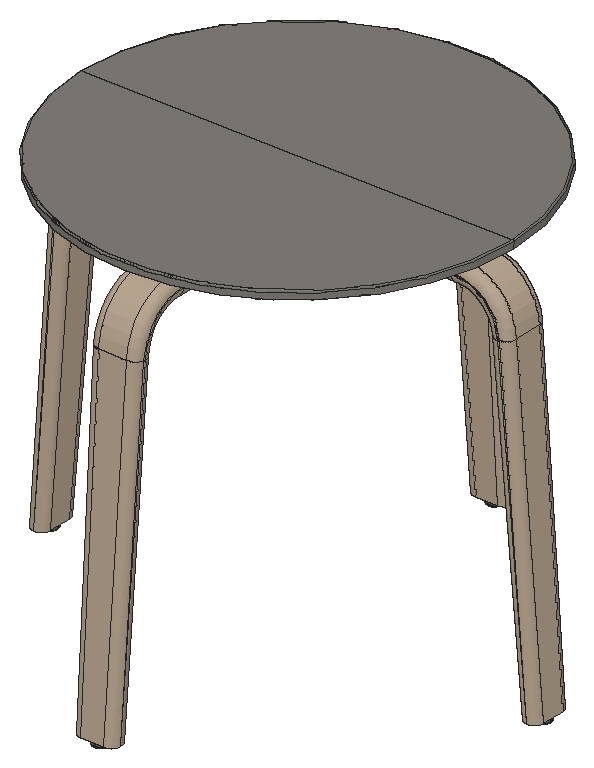
Revit family "Table-Teknion-ZNTFF_Round_Side_Table-R2020", category Furniture, Revit 2020
Family settings
  OmniClass Number = 23.40.20.00
  OmniClass Title = General Furniture and Specialties
  Work Plane-Based = No
  Always vertical = Yes
  Cut with Voids When Loaded = No
  Shared = Yes
  Room Calculation Point = No
Parameters (values of type "Round Side Table")
  Worksurface Finish [instance] = Foundation Laminate-Teknion-DR-Striate-Charcoal
  Warranty = "http://www.teknion.com/ca/papers/legal-canada"
  Unit Weight URL = "http://www.teknion.com/ca/tools/assets#&asset=bee6a381-b954-425e-8283-5a2de3a804f2,f828d448-4b62-4231-9e5f-9a8991c0ed77"
  URL = "www.teknion.com"
  To render please download texture images found here [instance] = "https://assets.teknion.com/web/5e81352c1dfdb467/revit-material-swatches/"
  Sustainability Data = "https://www.teknion.com/ca/tools/assets#&topic=216f99a5-57a0-44fc-b10a-9dee9b29ae4c&asset=444deb64-fe58-4b68-981e-f75e97781df7,b4ff2d81-9f2e-437d-9659-7cffb09c31cf"
  Series = "Zones"
  Product Page URL = "https://www.teknion.com/ca/products/product-details?productLineId=b28c7a6e-8e7a-673b-a6c8-ff64004460c4"
  Product Line = "Zones"
  Product Documentation Link = "https://www.teknion.com/pricing/zones/pdfs/ZNTFF_ppg.pdf"
  Part Number = "ZNTFF"
  Model = "ZNTFF18"
  Manufacturer Phone = "416-661-3370"  # constant formula
  Manufacturer Fax = "416.661.4586"  # constant formula
  Manufacturer Contact Information = "http://www.teknion.com/ca/contactus"
  Manufacturer Address = "1150 Flint Road, Toronto, ON. M3J 2J5. Canada"  # constant formula
  Manufacturer = "Teknion"  # constant formula
  Leg Wood Finish [instance] = Veneer - Teknion - BS - Natural Beech
  How To Use Teknion Materials User Guide [instance] = "https://assets.teknion.com/m/205dd0a49fa58060/original/How-to-add-a-Material-Library-and-Texture-Images-to-your-Revit-project.pdf"
  For Additional Finishes please visit [instance] = "https://assets.teknion.com/m/44a8009b046e5d47/original/Teknion_Materials_Library.zip"
  Description = "Casual, Round Side Table"
  Default Elevation = 0.000"
  Assembly Code = "E2020200"
Reference planes (in)
  plane 1 "Center Front/Back": y = 0
  plane 2: z = 0
  plane 3 "Center Left/Right": x = 0
  plane 4 "Left": x = -10.63102
  plane 5 "Right": x = 10.63102
  plane 6 "Back": y = 10.63102
  plane 7 "Front": y = -10.63102
  plane 8 "Top": z = 17.4111
Forms (in)
  Revolve 1, solid, material "Foundation Laminate-Teknion-DR-Striate-Charcoal" <- "Worksurface Finish"
    sketch origin (0, 0, 0) x (1, 0, 0) y (0, 0, 1)
      loop
        line (0, 17.4111) -> (0, 16.4111) -> (7.81413, 16.4111) -> (9.00461, 17.09843) -> (9.00461, 17.35104)
        arc (9.00461, 17.35104) -> (8.98794, 17.39342) -> (8.94596, 17.4111) r 0.05867
        line (8.94596, 17.4111) -> (0, 17.4111)
      axis (0, 16.4111) -> (0, 17.4111)
    angle from 0 to 360
  Sweep 2, solid, material "Veneer - Teknion - BS - Natural Beech" <- "Leg Wood Finish"
    path in 3D
      loop
        spline (-0.59055, 8.72321, 14.12879) -> (-0.59055, 8.69737, 14.32624) -> (-0.59055, 8.65186, 14.5155) -> (-0.59055, 8.58618, 14.69494) -> (-0.59055, 8.49984, 14.86284) -> (-0.59055, 8.39062, 15.01965) -> (-0.59055, 8.25806, 15.1618) -> (-0.59055, 8.10627, 15.28314) -> (-0.59055, 7.94167, 15.38001) -> (-0.59055, 7.76771, 15.45309) -> (-0.59055, 7.58376, 15.50456) -> (-0.59055, 7.39147, 15.53498) -> (-0.59055, 7.19242, 15.54496)
        line (-0.59055, 7.19242, 15.54496) -> (-0.59055, 0.59055, 15.54496) -> (-0.59055, -0.59055, 15.54496) -> (-0.59055, -7.19242, 15.54496)
        spline (-0.59055, -7.19242, 15.54496) -> (-0.59055, -7.39146, 15.53498) -> (-0.59055, -7.58375, 15.50457) -> (-0.59055, -7.76769, 15.4531) -> (-0.59055, -7.94164, 15.38002) -> (-0.59055, -8.10624, 15.28316) -> (-0.59055, -8.25803, 15.16183) -> (-0.59055, -8.39059, 15.01968) -> (-0.59055, -8.49981, 14.86289) -> (-0.59055, -8.58615, 14.695) -> (-0.59055, -8.65184, 14.51558) -> (-0.59055, -8.69736, 14.32632) -> (-0.59055, -8.7232, 14.12889)
    profile origin (-0.59055, 3.89148, 15.54496) x (-1, 0, 0) y (0, 0, -1)
      loop
        arc (-1.5748, -0.47244) -> (-1.45949, -0.75083) -> (-1.1811, -0.86614) r 0.3937
        line (-1.1811, -0.86614) -> (0, -0.86614)
        arc (0, -0.86614) -> (0.27839, -0.75083) -> (0.3937, -0.47244) r 0.3937
        line (0.3937, -0.47244) -> (0.3937, -0.3937)
        arc (0.3937, -0.3937) -> (0.27839, -0.11531) -> (0, 0) r 0.3937
        line (0, 0) -> (-1.20526, 0)
        arc (-1.20526, 0) -> (-1.46839, -0.1233) -> (-1.5748, -0.3937) r 0.39284
        line (-1.5748, -0.3937) -> (-1.5748, -0.47244)
  Sweep 3, solid, material "Veneer - Teknion - BS - Natural Beech" <- "Leg Wood Finish"
    path in 3D
      loop
        spline (8.72321, 0.59055, 14.12879) -> (8.69737, 0.59055, 14.32624) -> (8.65186, 0.59055, 14.5155) -> (8.58617, 0.59055, 14.69494) -> (8.49984, 0.59055, 14.86284) -> (8.39062, 0.59055, 15.01965) -> (8.25806, 0.59055, 15.1618) -> (8.10627, 0.59055, 15.28314) -> (7.94166, 0.59055, 15.38001) -> (7.76771, 0.59055, 15.45309) -> (7.58376, 0.59055, 15.50456) -> (7.39147, 0.59055, 15.53498) -> (7.19241, 0.59055, 15.54496)
        line (7.19241, 0.59055, 15.54496) -> (0.59055, 0.59055, 15.54496) -> (-0.59055, 0.59055, 15.54496) -> (-7.19242, 0.59055, 15.54496)
        spline (-7.19242, 0.59055, 15.54496) -> (-7.39146, 0.59055, 15.53498) -> (-7.58375, 0.59056, 15.50457) -> (-7.76769, 0.59056, 15.4531) -> (-7.94164, 0.59056, 15.38002) -> (-8.10625, 0.59056, 15.28316) -> (-8.25803, 0.59056, 15.16183) -> (-8.39059, 0.59056, 15.01968) -> (-8.49981, 0.59056, 14.86289) -> (-8.58615, 0.59056, 14.695) -> (-8.65185, 0.59056, 14.51558) -> (-8.69736, 0.59056, 14.32632) -> (-8.7232, 0.59056, 14.12889)
    profile origin (3.89148, 0.59055, 15.54496) x (0, 1, 0) y (0, 0, -1)
      loop
        arc (-1.5748, -0.47244) -> (-1.45949, -0.75083) -> (-1.1811, -0.86614) r 0.3937
        line (-1.1811, -0.86614) -> (0, -0.86614)
        arc (0, -0.86614) -> (0.27839, -0.75083) -> (0.3937, -0.47244) r 0.3937
        line (0.3937, -0.47244) -> (0.3937, -0.3937)
        arc (0.3937, -0.3937) -> (0.27839, -0.11531) -> (0, 0) r 0.3937
        line (0, 0) -> (-1.20527, 0)
        arc (-1.20527, 0) -> (-1.4684, -0.1233) -> (-1.5748, -0.3937) r 0.39284
        line (-1.5748, -0.3937) -> (-1.5748, -0.47244)
  SweptBlend 4, solid, material "Veneer - Teknion - BS - Natural Beech" <- "Leg Wood Finish"
    path in 3D
      loop
        line (8.72321, 0.59055, 14.12879) -> (9.8523, 0.47153, 0.09266)
    profile origin (8.72321, 0.59055, 14.12879) x (-0.000678, -0.999964, 0.008425) y (-0.99678, 0, -0.080183)
      loop
        line (0, -0.86614) -> (1.18106, -0.86614)
        spline (1.18106, -0.86614) -> (1.23244, -0.86277) -> (1.28295, -0.85272) -> (1.33171, -0.83617) -> (1.3779, -0.81339) -> (1.42072, -0.78478) -> (1.45944, -0.75083) -> (1.49339, -0.71211) -> (1.522, -0.66929) -> (1.54478, -0.6231) -> (1.56133, -0.57434) -> (1.57138, -0.52383) -> (1.57474, -0.47244)
        line (1.57474, -0.47244) -> (1.57474, -0.39364)
        spline (1.57474, -0.39364) -> (1.5718, -0.34415) -> (1.56266, -0.29543) -> (1.54745, -0.24825) -> (1.52641, -0.20336) -> (1.4999, -0.16148) -> (1.46832, -0.12327) -> (1.43218, -0.08934) -> (1.39205, -0.06024) -> (1.34858, -0.03641) -> (1.30246, -0.01826) -> (1.25441, -0.00605) -> (1.20522, 0)
        line (1.20522, 0) -> (0, 0)
        spline (0, 0) -> (-0.05139, -0.00337) -> (-0.1019, -0.01341) -> (-0.15066, -0.02997) -> (-0.19685, -0.05274) -> (-0.23966, -0.08135) -> (-0.27838, -0.11531) -> (-0.31234, -0.15403) -> (-0.34095, -0.19685) -> (-0.36372, -0.24304) -> (-0.38027, -0.2918) -> (-0.39032, -0.34231) -> (-0.39369, -0.3937)
        line (-0.39369, -0.3937) -> (-0.39369, -0.47244)
        spline (-0.39369, -0.47244) -> (-0.39032, -0.52383) -> (-0.38027, -0.57434) -> (-0.36372, -0.6231) -> (-0.34094, -0.66929) -> (-0.31233, -0.71211) -> (-0.27838, -0.75083) -> (-0.23966, -0.78478) -> (-0.19685, -0.81339) -> (-0.15066, -0.83617) -> (-0.1019, -0.85272) -> (-0.05139, -0.86277) -> (0, -0.86614)
    end profile origin (9.8523, 0.47153, 0.09266) x (-0.000678, -0.999964, 0.008425) y (-0.99678, 0, -0.080183)
      loop
        line (-0.00002, -0.78723) -> (0.9443, -0.78723)
        spline (0.9443, -0.78723) -> (0.99577, -0.78379) -> (1.04635, -0.77369) -> (1.09518, -0.7571) -> (1.14143, -0.7343) -> (1.1843, -0.70568) -> (1.22307, -0.67174) -> (1.25706, -0.63305) -> (1.28571, -0.59027) -> (1.30851, -0.54414) -> (1.32509, -0.49544) -> (1.33515, -0.44501) -> (1.33852, -0.3937)
        spline (1.33852, -0.3937) -> (1.3353, -0.3424) -> (1.32539, -0.29195) -> (1.30896, -0.24324) -> (1.28628, -0.19709) -> (1.25775, -0.15429) -> (1.22385, -0.11557) -> (1.18516, -0.0816) -> (1.14235, -0.05297) -> (1.09616, -0.03015) -> (1.04736, -0.01355) -> (0.99681, -0.00344) -> (0.94536, 0)
        line (0.94536, 0) -> (0, 0)
        spline (0, 0) -> (-0.05146, -0.00344) -> (-0.10203, -0.01355) -> (-0.15084, -0.03015) -> (-0.19707, -0.05297) -> (-0.23992, -0.0816) -> (-0.27865, -0.11557) -> (-0.3126, -0.15429) -> (-0.34119, -0.19709) -> (-0.36393, -0.24324) -> (-0.38044, -0.29196) -> (-0.39041, -0.3424) -> (-0.3937, -0.3937)
        spline (-0.3937, -0.3937) -> (-0.3904, -0.44501) -> (-0.3804, -0.49544) -> (-0.3639, -0.54414) -> (-0.34115, -0.59027) -> (-0.31257, -0.63305) -> (-0.27863, -0.67174) -> (-0.23991, -0.70568) -> (-0.19707, -0.7343) -> (-0.15086, -0.7571) -> (-0.10205, -0.77369) -> (-0.05148, -0.78379) -> (-0.00002, -0.78723)
  SweptBlend 5, solid, material "Veneer - Teknion - BS - Natural Beech" <- "Leg Wood Finish"
    path in 3D
      loop
        line (-8.72321, 0.59055, 14.12879) -> (-9.84765, 0.47202, 0.15042)
    profile origin (-8.72321, 0.59055, 14.12879) x (-0.000678, 0.999964, -0.008425) y (0.99678, 0, -0.080183)
      loop
        spline (0, -0.86614) -> (0.05139, -0.86277) -> (0.10189, -0.85272) -> (0.15066, -0.83617) -> (0.19684, -0.81339) -> (0.23966, -0.78478) -> (0.27838, -0.75083) -> (0.31233, -0.71211) -> (0.34094, -0.66929) -> (0.36372, -0.6231) -> (0.38027, -0.57433) -> (0.39032, -0.52382) -> (0.39369, -0.47244)
        line (0.39369, -0.47244) -> (0.39369, -0.3937)
        spline (0.39369, -0.3937) -> (0.39032, -0.34231) -> (0.38028, -0.2918) -> (0.36372, -0.24304) -> (0.34095, -0.19685) -> (0.31234, -0.15403) -> (0.27838, -0.11531) -> (0.23966, -0.08135) -> (0.19685, -0.05274) -> (0.15066, -0.02997) -> (0.1019, -0.01341) -> (0.05139, -0.00337) -> (0, 0)
        line (0, 0) -> (-1.20522, 0)
        spline (-1.20522, 0) -> (-1.25441, -0.00605) -> (-1.30246, -0.01826) -> (-1.34858, -0.03641) -> (-1.39205, -0.06024) -> (-1.43218, -0.08934) -> (-1.46832, -0.12327) -> (-1.4999, -0.16148) -> (-1.52641, -0.20336) -> (-1.54745, -0.24825) -> (-1.56266, -0.29543) -> (-1.5718, -0.34415) -> (-1.57474, -0.39364)
        line (-1.57474, -0.39364) -> (-1.57474, -0.47244)
        spline (-1.57474, -0.47244) -> (-1.57138, -0.52383) -> (-1.56133, -0.57433) -> (-1.54478, -0.6231) -> (-1.522, -0.66929) -> (-1.49339, -0.71211) -> (-1.45944, -0.75083) -> (-1.42072, -0.78478) -> (-1.3779, -0.81339) -> (-1.33171, -0.83617) -> (-1.28295, -0.85272) -> (-1.23244, -0.86277) -> (-1.18106, -0.86614)
        line (-1.18106, -0.86614) -> (0, -0.86614)
    end profile origin (-9.84765, 0.47202, 0.15042) x (-0.000678, 0.999964, -0.008425) y (0.99678, 0, -0.080183)
      loop
        spline (0.00002, -0.78723) -> (0.05148, -0.78379) -> (0.10205, -0.77369) -> (0.15086, -0.7571) -> (0.19707, -0.7343) -> (0.23991, -0.70568) -> (0.27863, -0.67174) -> (0.31257, -0.63305) -> (0.34115, -0.59027) -> (0.3639, -0.54414) -> (0.3804, -0.49544) -> (0.3904, -0.44501) -> (0.3937, -0.3937)
        spline (0.3937, -0.3937) -> (0.39041, -0.3424) -> (0.38044, -0.29196) -> (0.36393, -0.24324) -> (0.34119, -0.19709) -> (0.3126, -0.15429) -> (0.27865, -0.11557) -> (0.23992, -0.0816) -> (0.19707, -0.05297) -> (0.15084, -0.03015) -> (0.10203, -0.01355) -> (0.05146, -0.00344) -> (0, 0)
        line (0, 0) -> (-0.94536, 0)
        spline (-0.94536, 0) -> (-0.99681, -0.00344) -> (-1.04736, -0.01355) -> (-1.09616, -0.03015) -> (-1.14235, -0.05297) -> (-1.18516, -0.0816) -> (-1.22385, -0.11557) -> (-1.25775, -0.15429) -> (-1.28628, -0.19709) -> (-1.30896, -0.24324) -> (-1.32539, -0.29195) -> (-1.3353, -0.3424) -> (-1.33852, -0.3937)
        spline (-1.33852, -0.3937) -> (-1.33515, -0.44501) -> (-1.32509, -0.49544) -> (-1.30851, -0.54414) -> (-1.28571, -0.59027) -> (-1.25706, -0.63305) -> (-1.22307, -0.67174) -> (-1.1843, -0.70568) -> (-1.14143, -0.7343) -> (-1.09518, -0.7571) -> (-1.04635, -0.77369) -> (-0.99577, -0.78379) -> (-0.9443, -0.78723)
        line (-0.9443, -0.78723) -> (0.00002, -0.78723)
  SweptBlend 6, solid, material "Veneer - Teknion - BS - Natural Beech" <- "Leg Wood Finish"
    path in 3D
      loop
        line (0.59055, 8.72321, 14.12879) -> (0.47164, 9.85125, 0.10563)
    profile origin (0.59055, 8.72321, 14.12879) x (0.999964, 0.000678, -0.008425) y (0, -0.99678, -0.080183)
      loop
        spline (0, -0.86614) -> (0.05139, -0.86277) -> (0.10189, -0.85272) -> (0.15066, -0.83617) -> (0.19684, -0.81339) -> (0.23966, -0.78478) -> (0.27838, -0.75083) -> (0.31233, -0.71211) -> (0.34094, -0.66929) -> (0.36372, -0.6231) -> (0.38027, -0.57433) -> (0.39032, -0.52382) -> (0.39369, -0.47244)
        line (0.39369, -0.47244) -> (0.39369, -0.3937)
        spline (0.39369, -0.3937) -> (0.39032, -0.34231) -> (0.38028, -0.2918) -> (0.36372, -0.24304) -> (0.34095, -0.19685) -> (0.31234, -0.15403) -> (0.27838, -0.11531) -> (0.23966, -0.08135) -> (0.19685, -0.05274) -> (0.15066, -0.02997) -> (0.1019, -0.01341) -> (0.05139, -0.00337) -> (0, 0)
        line (0, 0) -> (-1.20522, 0)
        spline (-1.20522, 0) -> (-1.25441, -0.00605) -> (-1.30246, -0.01826) -> (-1.34858, -0.03641) -> (-1.39205, -0.06024) -> (-1.43218, -0.08934) -> (-1.46832, -0.12327) -> (-1.4999, -0.16148) -> (-1.52641, -0.20336) -> (-1.54745, -0.24825) -> (-1.56266, -0.29543) -> (-1.5718, -0.34415) -> (-1.57474, -0.39364)
        line (-1.57474, -0.39364) -> (-1.57474, -0.47244)
        spline (-1.57474, -0.47244) -> (-1.57138, -0.52383) -> (-1.56133, -0.57433) -> (-1.54478, -0.6231) -> (-1.522, -0.66929) -> (-1.49339, -0.71211) -> (-1.45944, -0.75083) -> (-1.42072, -0.78478) -> (-1.3779, -0.81339) -> (-1.33171, -0.83617) -> (-1.28295, -0.85272) -> (-1.23244, -0.86277) -> (-1.18106, -0.86614)
        line (-1.18106, -0.86614) -> (0, -0.86614)
    end profile origin (0.47164, 9.85125, 0.10563) x (0.999964, 0.000678, -0.008425) y (0, -0.99678, -0.080183)
      loop
        spline (0.00002, -0.78723) -> (0.05148, -0.78379) -> (0.10205, -0.77369) -> (0.15086, -0.7571) -> (0.19707, -0.7343) -> (0.23991, -0.70568) -> (0.27863, -0.67174) -> (0.31257, -0.63305) -> (0.34115, -0.59027) -> (0.3639, -0.54414) -> (0.3804, -0.49544) -> (0.3904, -0.44501) -> (0.3937, -0.3937)
        spline (0.3937, -0.3937) -> (0.39041, -0.3424) -> (0.38044, -0.29196) -> (0.36393, -0.24324) -> (0.34119, -0.19709) -> (0.3126, -0.15429) -> (0.27865, -0.11557) -> (0.23992, -0.0816) -> (0.19707, -0.05297) -> (0.15084, -0.03015) -> (0.10203, -0.01355) -> (0.05146, -0.00344) -> (0, 0)
        line (0, 0) -> (-0.94536, 0)
        spline (-0.94536, 0) -> (-0.99681, -0.00344) -> (-1.04736, -0.01355) -> (-1.09616, -0.03015) -> (-1.14235, -0.05297) -> (-1.18516, -0.0816) -> (-1.22385, -0.11557) -> (-1.25775, -0.15429) -> (-1.28628, -0.19709) -> (-1.30896, -0.24324) -> (-1.32539, -0.29195) -> (-1.3353, -0.3424) -> (-1.33852, -0.3937)
        spline (-1.33852, -0.3937) -> (-1.33515, -0.44501) -> (-1.32509, -0.49544) -> (-1.30851, -0.54414) -> (-1.28571, -0.59027) -> (-1.25706, -0.63305) -> (-1.22307, -0.67174) -> (-1.1843, -0.70568) -> (-1.14143, -0.7343) -> (-1.09518, -0.7571) -> (-1.04635, -0.77369) -> (-0.99577, -0.78379) -> (-0.9443, -0.78723)
        line (-0.9443, -0.78723) -> (0.00002, -0.78723)
  SweptBlend 7, solid, material "Veneer - Teknion - BS - Natural Beech" <- "Leg Wood Finish"
    path in 3D
      loop
        line (0.59055, -8.72321, 14.12879) -> (0.47142, -9.85336, 0.07944)
    profile origin (0.59055, -8.72321, 14.12879) x (-0.999964, 0.000678, 0.008425) y (0, 0.99678, -0.080183)
      loop
        line (0, -0.86614) -> (1.18106, -0.86614)
        spline (1.18106, -0.86614) -> (1.23244, -0.86277) -> (1.28295, -0.85272) -> (1.33171, -0.83617) -> (1.3779, -0.81339) -> (1.42072, -0.78478) -> (1.45944, -0.75083) -> (1.49339, -0.71211) -> (1.522, -0.66929) -> (1.54478, -0.6231) -> (1.56133, -0.57433) -> (1.57138, -0.52383) -> (1.57474, -0.47244)
        line (1.57474, -0.47244) -> (1.57474, -0.39364)
        spline (1.57474, -0.39364) -> (1.5718, -0.34415) -> (1.56266, -0.29543) -> (1.54745, -0.24825) -> (1.52641, -0.20336) -> (1.4999, -0.16148) -> (1.46832, -0.12327) -> (1.43218, -0.08934) -> (1.39205, -0.06024) -> (1.34858, -0.03641) -> (1.30246, -0.01826) -> (1.25441, -0.00605) -> (1.20522, 0)
        line (1.20522, 0) -> (0, 0)
        spline (0, 0) -> (-0.05139, -0.00337) -> (-0.1019, -0.01341) -> (-0.15066, -0.02997) -> (-0.19685, -0.05274) -> (-0.23966, -0.08135) -> (-0.27838, -0.11531) -> (-0.31234, -0.15403) -> (-0.34095, -0.19685) -> (-0.36372, -0.24304) -> (-0.38028, -0.2918) -> (-0.39032, -0.34231) -> (-0.39369, -0.3937)
        line (-0.39369, -0.3937) -> (-0.39369, -0.47244)
        spline (-0.39369, -0.47244) -> (-0.39032, -0.52382) -> (-0.38027, -0.57433) -> (-0.36372, -0.6231) -> (-0.34094, -0.66929) -> (-0.31233, -0.71211) -> (-0.27838, -0.75083) -> (-0.23966, -0.78478) -> (-0.19684, -0.81339) -> (-0.15066, -0.83617) -> (-0.10189, -0.85272) -> (-0.05139, -0.86277) -> (0, -0.86614)
    end profile origin (0.47142, -9.85336, 0.07944) x (-0.999964, 0.000678, 0.008425) y (0, 0.99678, -0.080183)
      loop
        line (-0.00002, -0.78723) -> (0.9443, -0.78723)
        spline (0.9443, -0.78723) -> (0.99577, -0.78379) -> (1.04635, -0.77369) -> (1.09518, -0.7571) -> (1.14143, -0.7343) -> (1.1843, -0.70568) -> (1.22307, -0.67174) -> (1.25706, -0.63305) -> (1.28571, -0.59027) -> (1.30851, -0.54414) -> (1.32509, -0.49544) -> (1.33515, -0.44501) -> (1.33852, -0.3937)
        spline (1.33852, -0.3937) -> (1.3353, -0.3424) -> (1.32539, -0.29195) -> (1.30896, -0.24324) -> (1.28628, -0.19709) -> (1.25775, -0.15429) -> (1.22385, -0.11557) -> (1.18516, -0.0816) -> (1.14235, -0.05297) -> (1.09616, -0.03015) -> (1.04736, -0.01355) -> (0.99681, -0.00344) -> (0.94536, 0)
        line (0.94536, 0) -> (0, 0)
        spline (0, 0) -> (-0.05146, -0.00344) -> (-0.10203, -0.01355) -> (-0.15084, -0.03015) -> (-0.19707, -0.05297) -> (-0.23992, -0.0816) -> (-0.27865, -0.11557) -> (-0.3126, -0.15429) -> (-0.34119, -0.19709) -> (-0.36393, -0.24324) -> (-0.38044, -0.29196) -> (-0.39041, -0.3424) -> (-0.3937, -0.3937)
        spline (-0.3937, -0.3937) -> (-0.3904, -0.44501) -> (-0.3804, -0.49544) -> (-0.3639, -0.54414) -> (-0.34115, -0.59027) -> (-0.31257, -0.63305) -> (-0.27863, -0.67174) -> (-0.23991, -0.70568) -> (-0.19707, -0.7343) -> (-0.15086, -0.7571) -> (-0.10205, -0.77369) -> (-0.05148, -0.78379) -> (-0.00002, -0.78723)
  Revolve 8, solid, material "Plastic - Teknion - 7F - Ebony"
    sketch origin (10.23636, 0, 0.00014) x (1, 0, 0) y (0, 0, 1)
      loop
        line (0, 0) -> (0.25043, 0)
        arc (0.25043, 0) -> (0.28453, 0.01412) -> (0.29865, 0.04822) r 0.04822
        line (0.29865, 0.04822) -> (0.305, 0.23) -> (0, 0.23) -> (0, 0)
      axis (0, 0) -> (0, 0.23)
    angle from 0 to 360
  Revolve 9, solid, material "Plastic - Teknion - 7F - Ebony"
    sketch origin (-10.23636, 0, 0.00014) x (-1, 0, 0) y (0, 0, 1)
      loop
        line (0, 0) -> (0.25043, 0)
        arc (0.25043, 0) -> (0.28453, 0.01412) -> (0.29865, 0.04822) r 0.04822
        line (0.29865, 0.04822) -> (0.305, 0.23) -> (0, 0.23) -> (0, 0)
      axis (0, 0) -> (0, 0.23)
    angle from 0 to 360
  Revolve 10, solid, material "Plastic - Teknion - 7F - Ebony"
    sketch origin (0, 10.23636, 0.00014) x (0, 1, 0) y (0, 0, -1)
      loop
        line (0, 0) -> (0, -0.23) -> (0.305, -0.23) -> (0.29865, -0.04822)
        arc (0.29865, -0.04822) -> (0.28453, -0.01412) -> (0.25043, 0) r 0.04822
        line (0.25043, 0) -> (0, 0)
      axis (0, 0) -> (0, -0.23)
    angle from 0 to 360
  Revolve 11, solid, material "Plastic - Teknion - 7F - Ebony"
    sketch origin (0, -10.23636, 0.00014) x (0, -1, 0) y (0, 0, 1)
      loop
        line (0, 0) -> (0.25043, 0)
        arc (0.25043, 0) -> (0.28453, 0.01412) -> (0.29865, 0.04822) r 0.04822
        line (0.29865, 0.04822) -> (0.305, 0.23) -> (0, 0.23) -> (0, 0)
      axis (0, 0) -> (0, 0.23)
    angle from 0 to 360
  Sweep 12, void
    path origin (0, 0, 0) x (1, 0, 0) y (0, 1, 0)
      loop
        line (-3.5, 11.63102) -> (-3.5, -11.36898)
    profile origin (-3.5, 0.13102, 0) x (1, 0, 0) y (0, 0, 1)
      loop
        line (-7.255, -0.04297) -> (14.20133, -0.04297) -> (14.20133, 0.23) -> (-7.255, 0.23) -> (-7.255, -0.04297)
Cuts and joins
  Sweep 12 cuts SweptBlend 6
  Sweep 12 cuts SweptBlend 7
  Sweep 12 cuts SweptBlend 4
  Sweep 12 cuts SweptBlend 5
Lines and regions (in)
  Masking region 1
    outline origin (0, 0, 0) x (1, 0, 0) y (0, 1, 0)
      loop
        circle (0, 0) r 9.00461
  Masking region 2
    outline origin (0, 0, 0) x (1, 0, 0) y (0, 1, 0)
      loop
        arc (-10.23651, 0.86615) -> (-10.51535, 0.75084) -> (-10.6311, 0.47218) r 0.39445
        line (-10.6311, 0.47218) -> (-10.63107, -0.47232)
        arc (-10.63107, -0.47232) -> (-10.51344, -0.75293) -> (-10.23126, -0.86675) r 0.39511
        line (-10.23126, -0.86675) -> (-9.19439, -0.98423) -> (-8.44283, -0.98423) -> (8.44283, -0.98423) -> (9.19439, -0.98423) -> (10.23126, -0.86675)
        arc (10.23126, -0.86675) -> (10.51344, -0.75293) -> (10.63106, -0.47232) r 0.39511
        line (10.63106, -0.47232) -> (10.63111, 0.47218)
        arc (10.63111, 0.47218) -> (10.51535, 0.75084) -> (10.23651, 0.86615) r 0.39445
        line (10.23651, 0.86615) -> (9.19439, 0.98423) -> (8.44283, 0.98423) -> (-8.44283, 0.98423) -> (-9.19439, 0.98423) -> (-10.23651, 0.86615)
  Masking region 3
    outline origin (0.00007, -0.00105, 0) x (0, -1, 0) y (1, 0, 0)
      loop
        arc (-10.23651, 0.86615) -> (-10.51535, 0.75084) -> (-10.6311, 0.47218) r 0.39445
        line (-10.6311, 0.47218) -> (-10.63107, -0.47232)
        arc (-10.63107, -0.47232) -> (-10.51344, -0.75293) -> (-10.23126, -0.86675) r 0.39511
        line (-10.23126, -0.86675) -> (-9.19439, -0.98423) -> (-8.44283, -0.98423) -> (8.44283, -0.98423) -> (9.19439, -0.98423) -> (10.23126, -0.86675)
        arc (10.23126, -0.86675) -> (10.51344, -0.75293) -> (10.63106, -0.47232) r 0.39511
        line (10.63106, -0.47232) -> (10.63111, 0.47218)
        arc (10.63111, 0.47218) -> (10.51535, 0.75084) -> (10.23651, 0.86615) r 0.39445
        line (10.23651, 0.86615) -> (9.19439, 0.98423) -> (8.44283, 0.98423) -> (-8.44283, 0.98423) -> (-9.19439, 0.98423) -> (-10.23651, 0.86615)
  sketch lines
    curve 1: line (-0.59055, 7.19242, 15.54496) -> (-0.59055, 0.59055, 15.54496)
    curve 2: spline (-0.59055, 7.19242, 15.54496) -> (-0.59055, 7.39147, 15.53498) -> (-0.59055, 7.58376, 15.50456) -> (-0.59055, 7.76771, 15.45309) -> (-0.59055, 7.94167, 15.38001) -> (-0.59055, 8.10627, 15.28314) -> (-0.59055, 8.25806, 15.1618) -> (-0.59055, 8.39062, 15.01965) -> (-0.59055, 8.49984, 14.86284) -> (-0.59055, 8.58618, 14.69494) -> (-0.59055, 8.65186, 14.5155) -> (-0.59055, 8.69737, 14.32624) -> (-0.59055, 8.72321, 14.12879)
    curve 3: line (-0.59055, 0.59055, 15.54496) -> (-0.59055, -0.59055, 15.54496)
    curve 4: line (-0.59055, -0.59055, 15.54496) -> (-0.59055, -7.19242, 15.54496)
    curve 5: spline (-0.59055, -8.7232, 14.12889) -> (-0.59055, -8.69736, 14.32632) -> (-0.59055, -8.65184, 14.51558) -> (-0.59055, -8.58615, 14.695) -> (-0.59055, -8.49981, 14.86289) -> (-0.59055, -8.39059, 15.01968) -> (-0.59055, -8.25803, 15.16183) -> (-0.59055, -8.10624, 15.28316) -> (-0.59055, -7.94164, 15.38002) -> (-0.59055, -7.76769, 15.4531) -> (-0.59055, -7.58375, 15.50457) -> (-0.59055, -7.39146, 15.53498) -> (-0.59055, -7.19242, 15.54496)
    curve 6: line (7.19241, 0.59055, 15.54496) -> (0.59055, 0.59055, 15.54496)
    curve 7: spline (7.19241, 0.59055, 15.54496) -> (7.39147, 0.59055, 15.53498) -> (7.58376, 0.59055, 15.50456) -> (7.76771, 0.59055, 15.45309) -> (7.94166, 0.59055, 15.38001) -> (8.10627, 0.59055, 15.28314) -> (8.25806, 0.59055, 15.1618) -> (8.39062, 0.59055, 15.01965) -> (8.49984, 0.59055, 14.86284) -> (8.58617, 0.59055, 14.69494) -> (8.65186, 0.59055, 14.5155) -> (8.69737, 0.59055, 14.32624) -> (8.72321, 0.59055, 14.12879)
    curve 8: line (0.59055, 0.59055, 15.54496) -> (-0.59055, 0.59055, 15.54496)
    curve 9: line (-0.59055, 0.59055, 15.54496) -> (-7.19242, 0.59055, 15.54496)
    curve 10: spline (-8.7232, 0.59056, 14.12889) -> (-8.69736, 0.59056, 14.32632) -> (-8.65185, 0.59056, 14.51558) -> (-8.58615, 0.59056, 14.695) -> (-8.49981, 0.59056, 14.86289) -> (-8.39059, 0.59056, 15.01968) -> (-8.25803, 0.59056, 15.16183) -> (-8.10625, 0.59056, 15.28316) -> (-7.94164, 0.59056, 15.38002) -> (-7.76769, 0.59056, 15.4531) -> (-7.58375, 0.59056, 15.50457) -> (-7.39146, 0.59055, 15.53498) -> (-7.19242, 0.59055, 15.54496)
    curve 11: line (8.72321, 0.59055, 14.12879) -> (9.8523, 0.47153, 0.09266)
    curve 12: line (-8.72321, 0.59055, 14.12879) -> (-9.84765, 0.47202, 0.15042)
    curve 13: line (0.59055, 8.72321, 14.12879) -> (0.47164, 9.85125, 0.10563)
    curve 14: line (0.59055, -8.72321, 14.12879) -> (0.47142, -9.85336, 0.07944)
  symbolic lines, style "FurnitureHiddenLines", detail levels fine
    curve 15: circle (-10.23771, 0, 0) r 0.30053 normal (0, 0, 1)
    curve 16: arc (9.93136, 0, 0) -> (10.23636, 0.305, 0) -> (10.54136, 0, 0) r 0.305
    curve 17: arc (10.54136, 0, 0) -> (10.23636, -0.305, 0) -> (9.93136, 0, 0) r 0.305
    curve 18: arc (0, -10.54136, 0) -> (-0.305, -10.23636, 0) -> (0, -9.93136, 0) r 0.305
    curve 19: arc (0, -9.93136, 0) -> (0.305, -10.23636, 0) -> (0, -10.54136, 0) r 0.305
    curve 20: arc (0, 10.54136, 0) -> (0.305, 10.23636, 0) -> (0, 9.93136, 0) r 0.305
    curve 21: arc (0, 9.93136, 0) -> (-0.305, 10.23636, 0) -> (0, 10.54136, 0) r 0.305
  symbolic lines, style "FurnitureHiddenLines", detail levels medium+fine
    curve 22: arc (-7.81413, 0, 0) -> (0, 7.81413, 0) -> (7.81413, 0, 0) r 7.81413
    curve 23: arc (7.81413, 0, 0) -> (0, -7.81413, 0) -> (-7.81413, 0, 0) r 7.81413
    curve 28: line (-8.95066, 0.98423, 0) -> (8.95066, 0.98423, 0)
    curve 29: line (8.95066, -0.98425, 0) -> (-8.95066, -0.98425, 0)
    curve 30: line (-0.98415, 8.95067, 0) -> (-0.98415, -8.95067, 0)
    curve 31: line (0.9843, -8.95066, 0) -> (0.9843, 8.95066, 0)
  reference lines
    curve 24: line (-10.63102, 10.63102, 0) -> (-10.63102, -10.63102, 0)
    curve 25: line (-10.63102, 10.63102, 0) -> (10.63102, 10.63102, 0)
    curve 26: line (10.63102, 10.63102, 0) -> (10.63102, -10.63102, 0)
    curve 27: line (-10.63102, -10.63102, 0) -> (10.63102, -10.63102, 0)
Dimensions and locks (in)
  locked: plane 4 "Left" to plane 5 "Right" at 21.26204
  locked: plane 6 "Back" to plane 7 "Front" at 21.26204
  plane 8 "Top" to level = 17.4111"
  equal spacing: plane 4 "Left", plane 3 "Center Left/Right", plane 5 "Right"
  equal spacing: plane 7 "Front", plane 1 "Center Front/Back", plane 6 "Back"
  aligned and locked: level to plane 2
  aligned and locked: curve 24 to plane 4 "Left"
  aligned and locked: curve 25 to plane 6 "Back"
  aligned and locked: curve 26 to plane 5 "Right"
  aligned and locked: curve 27 to plane 7 "Front"
  aligned and locked: plane 1 "Center Front/Back" to nested 1
  aligned and locked: plane 3 "Center Left/Right" to nested 1
Automatic sketch dimensions
  Sweep 2 sketch curve to profile plane = 0.000"  (x3)
  Sweep 2 sketch curve to profile plane = 0.47244"
  profile plane to Sweep 2 sketch curve = 1.5748"
  Sweep 2 sketch curve to Sweep 2 sketch curve = 0.36954"
  Sweep 2 sketch curve to profile plane = 0.39215"
  Sweep 2 sketch curve to Sweep 2 sketch curve = 0.39283"
  Sweep 2 sketch curve to Sweep 2 sketch curve = 0.00087"
  Sweep 2 sketch curve to Sweep 2 sketch curve = 0.3937"
  profile plane to Sweep 3 sketch curve = 0.000"
  Sweep 3 sketch curve to profile plane = 0.000"  (x2)
  Sweep 3 sketch curve to profile plane = 0.47244"
  profile plane to Sweep 3 sketch curve = 1.1811"
  Sweep 3 sketch curve to Sweep 3 sketch curve = 0.00087"
  Sweep 3 sketch curve to Sweep 3 sketch curve = 0.0233"
  Sweep 3 sketch curve to Sweep 3 sketch curve = 0.39283"
  Sweep 3 sketch curve to Sweep 3 sketch curve = 0.3937"
  Sweep 3 sketch curve to Sweep 3 sketch curve = 0.07874"
  profile plane to SweptBlend 4 sketch curve = 0.39369"
  SweptBlend 4 sketch curve to SweptBlend 4 sketch curve = 0.000"  (x2)
  profile plane to SweptBlend 4 sketch curve = 0.000"  (x6)
  SweptBlend 4 sketch curve to profile plane = 1.18106"
  SweptBlend 4 sketch curve to SweptBlend 4 sketch curve = 0.02416"
  SweptBlend 4 sketch curve to profile plane = 0.39364"
  SweptBlend 4 sketch curve to SweptBlend 4 sketch curve = 0.36953"
  SweptBlend 4 sketch curve to profile plane = 0.47244"  (x2)
  SweptBlend 4 sketch curve to SweptBlend 4 sketch curve = 0.3937"
  SweptBlend 4 sketch curve to SweptBlend 4 sketch curve = 0.07874"
  SweptBlend 4 sketch curve to profile plane = 0.00014"
  SweptBlend 4 sketch curve to SweptBlend 4 sketch curve = 0.01042"  (x2)
  SweptBlend 4 sketch curve to profile plane = 0.01042"
  profile plane to SweptBlend 4 sketch curve = 0.00056"
  SweptBlend 4 sketch curve to SweptBlend 4 sketch curve = 0.03369"
  SweptBlend 4 sketch curve to SweptBlend 4 sketch curve = 0.00087"
  profile plane to SweptBlend 4 sketch curve = 0.00002"
  SweptBlend 4 sketch curve to profile plane = 0.9443"
  SweptBlend 4 sketch curve to SweptBlend 4 sketch curve = 0.00105"
  SweptBlend 4 sketch curve to profile plane = 0.78723"
  profile plane to SweptBlend 4 sketch curve = 0.39156"
  SweptBlend 4 sketch curve to SweptBlend 4 sketch curve = 0.00215"
  SweptBlend 4 sketch curve to profile plane = 0.00031"
  SweptBlend 4 sketch curve to profile plane = 0.00084"
  SweptBlend 4 sketch curve to profile plane = 0.35158"  (x2)
  SweptBlend 4 sketch curve to profile plane = 0.39217"
  SweptBlend 4 sketch curve to SweptBlend 4 sketch curve = 0.1594"
  SweptBlend 4 sketch curve to SweptBlend 4 sketch curve = 0.00033"
  SweptBlend 4 sketch curve to SweptBlend 4 sketch curve = 0.00054"
  SweptBlend 4 sketch curve to SweptBlend 4 sketch curve = 0.39187"
  SweptBlend 4 sketch curve to SweptBlend 4 sketch curve = 0.00214"
  SweptBlend 5 sketch curve to profile plane = 0.47244"  (x2)
  profile plane to SweptBlend 5 sketch curve = 1.57474"
  SweptBlend 5 sketch curve to profile plane = 0.39364"
  SweptBlend 5 sketch curve to SweptBlend 5 sketch curve = 0.000"  (x2)
  profile plane to SweptBlend 5 sketch curve = 0.000"  (x2)
  SweptBlend 5 sketch curve to SweptBlend 5 sketch curve = 0.36953"
  SweptBlend 5 sketch curve to SweptBlend 5 sketch curve = 0.39369"
  SweptBlend 5 sketch curve to profile plane = 0.000"  (x5)
  SweptBlend 5 sketch curve to profile plane = 0.39369"
  SweptBlend 5 sketch curve to SweptBlend 5 sketch curve = 0.3937"
  SweptBlend 5 sketch curve to SweptBlend 5 sketch curve = 0.07874"
  SweptBlend 5 sketch curve to SweptBlend 5 sketch curve = 0.01042"  (x2)
  SweptBlend 5 sketch curve to SweptBlend 5 sketch curve = 0.39282"
  SweptBlend 5 sketch curve to SweptBlend 5 sketch curve = 0.00087"
  profile plane to SweptBlend 5 sketch curve = 0.00056"
  profile plane to SweptBlend 5 sketch curve = 0.01042"
  profile plane to SweptBlend 5 sketch curve = 0.9443"
  SweptBlend 5 sketch curve to SweptBlend 5 sketch curve = 0.00105"
  SweptBlend 5 sketch curve to profile plane = 0.00002"
  SweptBlend 5 sketch curve to profile plane = 0.78723"
  profile plane to SweptBlend 5 sketch curve = 0.00031"
  profile plane to SweptBlend 5 sketch curve = 0.00084"
  profile plane to SweptBlend 5 sketch curve = 0.39217"
  SweptBlend 5 sketch curve to SweptBlend 5 sketch curve = 0.1594"
  SweptBlend 5 sketch curve to SweptBlend 5 sketch curve = 0.00033"
  SweptBlend 5 sketch curve to SweptBlend 5 sketch curve = 0.00054"
  SweptBlend 5 sketch curve to profile plane = 0.35158"
  SweptBlend 5 sketch curve to SweptBlend 5 sketch curve = 0.39187"
  SweptBlend 5 sketch curve to SweptBlend 5 sketch curve = 0.00214"
  SweptBlend 5 sketch curve to profile plane = 0.39156"
  SweptBlend 5 sketch curve to SweptBlend 5 sketch curve = 0.00215"
  SweptBlend 5 sketch curve to SweptBlend 5 sketch curve = 0.08359"
  SweptBlend 6 sketch curve to profile plane = 0.47244"  (x2)
  profile plane to SweptBlend 6 sketch curve = 1.57474"
  SweptBlend 6 sketch curve to profile plane = 0.39364"
  SweptBlend 6 sketch curve to SweptBlend 6 sketch curve = 0.000"  (x2)
  profile plane to SweptBlend 6 sketch curve = 0.000"
  SweptBlend 6 sketch curve to SweptBlend 6 sketch curve = 0.36953"
  SweptBlend 6 sketch curve to SweptBlend 6 sketch curve = 0.39369"
  SweptBlend 6 sketch curve to profile plane = 0.000"  (x6)
  SweptBlend 6 sketch curve to profile plane = 0.39369"
  SweptBlend 6 sketch curve to SweptBlend 6 sketch curve = 0.3937"
  SweptBlend 6 sketch curve to SweptBlend 6 sketch curve = 0.07874"
  SweptBlend 6 sketch curve to SweptBlend 6 sketch curve = 0.01042"  (x2)
  SweptBlend 6 sketch curve to SweptBlend 6 sketch curve = 0.39282"
  SweptBlend 6 sketch curve to SweptBlend 6 sketch curve = 0.00087"
  profile plane to SweptBlend 6 sketch curve = 0.00056"
  profile plane to SweptBlend 6 sketch curve = 0.01042"
  profile plane to SweptBlend 6 sketch curve = 0.9443"
  SweptBlend 6 sketch curve to SweptBlend 6 sketch curve = 0.00105"
  SweptBlend 6 sketch curve to profile plane = 0.00002"
  SweptBlend 6 sketch curve to profile plane = 0.78723"
  profile plane to SweptBlend 6 sketch curve = 0.00031"
  profile plane to SweptBlend 6 sketch curve = 0.00084"
  profile plane to SweptBlend 6 sketch curve = 0.39217"
  SweptBlend 6 sketch curve to SweptBlend 6 sketch curve = 0.1594"
  SweptBlend 6 sketch curve to SweptBlend 6 sketch curve = 0.00033"
  SweptBlend 6 sketch curve to SweptBlend 6 sketch curve = 0.00054"
  SweptBlend 6 sketch curve to profile plane = 0.35158"
  SweptBlend 6 sketch curve to SweptBlend 6 sketch curve = 0.39187"
  SweptBlend 6 sketch curve to SweptBlend 6 sketch curve = 0.00214"
  SweptBlend 6 sketch curve to profile plane = 0.39156"
  SweptBlend 6 sketch curve to SweptBlend 6 sketch curve = 0.00215"
  SweptBlend 6 sketch curve to SweptBlend 6 sketch curve = 0.08359"
  profile plane to SweptBlend 7 sketch curve = 0.39369"
  SweptBlend 7 sketch curve to SweptBlend 7 sketch curve = 0.000"  (x2)
  profile plane to SweptBlend 7 sketch curve = 0.000"  (x5)
  SweptBlend 7 sketch curve to profile plane = 1.18106"
  SweptBlend 7 sketch curve to SweptBlend 7 sketch curve = 0.02416"
  SweptBlend 7 sketch curve to profile plane = 0.39364"
  SweptBlend 7 sketch curve to SweptBlend 7 sketch curve = 0.36953"
  SweptBlend 7 sketch curve to profile plane = 0.47244"  (x2)
  SweptBlend 7 sketch curve to SweptBlend 7 sketch curve = 0.3937"
  SweptBlend 7 sketch curve to SweptBlend 7 sketch curve = 0.07874"
  SweptBlend 7 sketch curve to profile plane = 0.00014"
  SweptBlend 7 sketch curve to SweptBlend 7 sketch curve = 0.01042"  (x2)
  SweptBlend 7 sketch curve to profile plane = 0.01042"
  profile plane to SweptBlend 7 sketch curve = 0.00056"
  SweptBlend 7 sketch curve to SweptBlend 7 sketch curve = 0.03369"
  SweptBlend 7 sketch curve to SweptBlend 7 sketch curve = 0.00087"
  SweptBlend 7 sketch curve to profile plane = 0.000"
  profile plane to SweptBlend 7 sketch curve = 0.00002"
  SweptBlend 7 sketch curve to profile plane = 0.9443"
  SweptBlend 7 sketch curve to SweptBlend 7 sketch curve = 0.00105"
  SweptBlend 7 sketch curve to profile plane = 0.78723"
  profile plane to SweptBlend 7 sketch curve = 0.39156"
  SweptBlend 7 sketch curve to SweptBlend 7 sketch curve = 0.00215"
  SweptBlend 7 sketch curve to profile plane = 0.00031"
  SweptBlend 7 sketch curve to profile plane = 0.00084"
  SweptBlend 7 sketch curve to profile plane = 0.35158"  (x2)
  SweptBlend 7 sketch curve to profile plane = 0.39217"
  SweptBlend 7 sketch curve to SweptBlend 7 sketch curve = 0.1594"
  SweptBlend 7 sketch curve to SweptBlend 7 sketch curve = 0.00033"
  SweptBlend 7 sketch curve to SweptBlend 7 sketch curve = 0.00054"
  SweptBlend 7 sketch curve to SweptBlend 7 sketch curve = 0.39187"
  SweptBlend 7 sketch curve to SweptBlend 7 sketch curve = 0.00214"
  level to Revolve 8 sketch curve = 0.00014"
  plane 5 "Right" to Revolve 8 sketch curve = 0.39466"
  plane 5 "Right" to Revolve 8 sketch curve = 0.14423"
  level to Revolve 8 sketch curve = 0.04836"
  plane 5 "Right" to Revolve 8 sketch curve = 0.08966"
  Revolve 8 sketch curve to Revolve 8 sketch curve = 0.18178"
  Revolve 8 sketch curve to Revolve 8 sketch curve = 0.000"  (x2)
  Revolve 8 sketch curve to Revolve 8 sketch curve = 0.20363"
  Revolve 9 sketch curve to level = 0.00014"
  Revolve 9 sketch curve to plane 4 "Left" = 0.39466"
  Revolve 9 sketch curve to plane 4 "Left" = 0.14423"
  Revolve 9 sketch curve to level = 0.04836"
  Revolve 9 sketch curve to plane 4 "Left" = 0.08966"
  Revolve 9 sketch curve to Revolve 9 sketch curve = 0.18178"
  Revolve 9 sketch curve to Revolve 9 sketch curve = 0.000"  (x2)
  Revolve 9 sketch curve to Revolve 9 sketch curve = 0.20363"
  level to Revolve 10 sketch curve = 0.00014"
  Revolve 10 sketch curve to plane 6 "Back" = 0.39466"
  Revolve 10 sketch curve to plane 6 "Back" = 0.14423"
  level to Revolve 10 sketch curve = 0.04836"
  Revolve 10 sketch curve to plane 6 "Back" = 0.08966"
  Revolve 10 sketch curve to Revolve 10 sketch curve = 0.230"
  Revolve 10 sketch curve to Revolve 10 sketch curve = 0.000"  (x2)
  Revolve 10 sketch curve to Revolve 10 sketch curve = 0.20363"
  level to Revolve 11 sketch curve = 0.00014"
  Revolve 11 sketch curve to plane 7 "Front" = 0.39466"
  Revolve 11 sketch curve to plane 7 "Front" = 0.14423"
  level to Revolve 11 sketch curve = 0.04836"
  Revolve 11 sketch curve to plane 7 "Front" = 0.08966"
  Revolve 11 sketch curve to Revolve 11 sketch curve = 0.18178"
  Revolve 11 sketch curve to Revolve 11 sketch curve = 0.000"  (x2)
  Revolve 11 sketch curve to Revolve 11 sketch curve = 0.20363"
  plane 6 "Back" to Sweep 12 sketch curve = 1.000"
  plane 7 "Front" to Sweep 12 sketch curve = 0.73796"
  Sweep 12 sketch curve to plane 3 "Center Left/Right" = 3.500"
  Sweep 12 sketch curve to level = 0.04297"
  level to Sweep 12 sketch curve = 0.230"
  profile plane to Sweep 12 sketch curve = 7.255"
  Sweep 12 sketch curve to profile plane = 14.20133"
  plane 1 "Center Front/Back" to Masking region 1 sketch curve = 0.000"
  Masking region 1 sketch curve to plane 3 "Center Left/Right" = 0.000"
  plane 4 "Left" to Masking region 2 sketch curve = 0.39436"
  Masking region 2 sketch curve to Masking region 2 sketch curve = 0.00015"
  plane 4 "Left" to Masking region 2 sketch curve = 0.39506"
  Masking region 2 sketch curve to Masking region 2 sketch curve = 0.00469"
  Masking region 2 sketch curve to Masking region 2 sketch curve = 1.03687"
  Masking region 2 sketch curve to Masking region 2 sketch curve = 1.04212"
  Masking region 2 sketch curve to Masking region 2 sketch curve = 0.75157"  (x4)
  Masking region 2 sketch curve to plane 1 "Center Front/Back" = 0.98423"
  plane 5 "Right" to Masking region 2 sketch curve = 2.18819"
  plane 5 "Right" to Masking region 2 sketch curve = 1.43663"
  plane 5 "Right" to Masking region 2 sketch curve = 0.39975"
  plane 5 "Right" to Masking region 2 sketch curve = 0.39506"
  plane 5 "Right" to Masking region 2 sketch curve = 0.39451"
  plane 5 "Right" to Masking region 2 sketch curve = 0.39436"
  Masking region 2 sketch curve to plane 1 "Center Front/Back" = 0.86615"  (x2)
  Masking region 2 sketch curve to Masking region 2 sketch curve = 0.39445"  (x2)
  plane 1 "Center Front/Back" to Masking region 2 sketch curve = 0.47167"  (x2)
  Masking region 2 sketch curve to Masking region 2 sketch curve = 0.39508"  (x2)
  plane 1 "Center Front/Back" to Masking region 2 sketch curve = 0.98423"
  Masking region 2 sketch curve to plane 4 "Left" = 0.00005"
  Masking region 2 sketch curve to Masking region 2 sketch curve = 0.000"  (x6)
  Masking region 2 sketch curve to plane 4 "Left" = 0.00008"
  Masking region 2 sketch curve to Masking region 2 sketch curve = 0.00001"  (x2)
  Masking region 2 sketch curve to plane 5 "Right" = 0.00005"
  Masking region 2 sketch curve to plane 5 "Right" = 0.00008"
  Masking region 3 sketch curve to plane 6 "Back" = 0.39541"
  Masking region 3 sketch curve to Masking region 3 sketch curve = 0.00015"
  Masking region 3 sketch curve to plane 6 "Back" = 0.39611"
  Masking region 3 sketch curve to Masking region 3 sketch curve = 0.00469"
  Masking region 3 sketch curve to Masking region 3 sketch curve = 1.03687"
  Masking region 3 sketch curve to Masking region 3 sketch curve = 1.04212"
  Masking region 3 sketch curve to Masking region 3 sketch curve = 0.75157"  (x4)
  Masking region 3 sketch curve to plane 3 "Center Left/Right" = 0.98415"
  Masking region 3 sketch curve to plane 7 "Front" = 2.18715"
  Masking region 3 sketch curve to Masking region 3 sketch curve = 0.000"  (x7)
  Masking region 3 sketch curve to plane 7 "Front" = 0.39871"
  Masking region 3 sketch curve to plane 7 "Front" = 0.39401"
  Masking region 3 sketch curve to plane 7 "Front" = 0.39346"
  Masking region 3 sketch curve to plane 7 "Front" = 0.39332"
  Masking region 3 sketch curve to plane 3 "Center Left/Right" = 0.86667"  (x2)
  Masking region 3 sketch curve to Masking region 3 sketch curve = 0.39508"  (x2)
  plane 3 "Center Left/Right" to Masking region 3 sketch curve = 0.47178"  (x2)
  Masking region 3 sketch curve to Masking region 3 sketch curve = 0.39445"  (x2)
  plane 3 "Center Left/Right" to Masking region 3 sketch curve = 0.9843"
  Masking region 3 sketch curve to plane 6 "Back" = 0.001"
  Masking region 3 sketch curve to plane 6 "Back" = 0.00096"
  Masking region 3 sketch curve to Masking region 3 sketch curve = 0.00001"  (x2)
  plane 7 "Front" to Masking region 3 sketch curve = 0.00109"
  plane 7 "Front" to Masking region 3 sketch curve = 0.00113"
  Revolve 1 sketch curve to plane 3 "Center Left/Right" = 0.000"  (x2)
  Revolve 1 sketch curve to plane 8 "Top" = 0.000"
  Revolve 1 sketch curve to plane 8 "Top" = 1.000"
  plane 5 "Right" to Revolve 1 sketch curve = 2.81689"
  Revolve 1 sketch curve to Revolve 1 sketch curve = 1.13184"
  Revolve 1 sketch curve to Revolve 1 sketch curve = 0.05867"
  Revolve 1 sketch curve to plane 8 "Top" = 0.31267"
  Revolve 1 sketch curve to Revolve 1 sketch curve = 0.05865"
  Revolve 1 sketch curve to Revolve 1 sketch curve = 0.000"
  plane 8 "Top" to Revolve 1 sketch curve = 1.250"
  curve 16 to curve 17 = 0.000"  (x2)
  curve 18 to curve 19 = 0.000"  (x2)
  curve 20 to curve 21 = 0.000"  (x2)
  curve 22 to curve 23 = 0.000"  (x2)
  plane 1 "Center Front/Back" to curve 15 = 0.000"
  plane 1 "Center Front/Back" to curve 23 = 0.000"
  curve 18 to plane 3 "Center Left/Right" = 0.000"
  curve 23 to plane 3 "Center Left/Right" = 0.000"
  curve 20 to plane 3 "Center Left/Right" = 0.000"
  plane 1 "Center Front/Back" to curve 17 = 0.000"
  plane 4 "Left" to curve 15 = 0.39331"
  plane 5 "Right" to curve 16 = 0.39466"
  curve 18 to plane 7 "Front" = 0.39466"
  curve 20 to plane 6 "Back" = 0.39466"
  curve 30 to plane 3 "Center Left/Right" = 0.98415"
  curve 15 to curve 22 = 2.42358"
  curve 29 to curve 22 = 1.13653"
  curve 28 to curve 23 = 1.13653"
  plane 3 "Center Left/Right" to curve 31 = 0.9843"
  curve 23 to curve 29 = 1.13653"
  curve 22 to curve 28 = 1.13653"
  curve 17 to curve 16 = 0.305"
  plane 1 "Center Front/Back" to curve 29 = 0.98425"
  curve 19 to curve 31 = 1.2857"
  curve 18 to curve 30 = 1.28569"
  curve 18 to curve 18 = 0.305"
  curve 28 to plane 1 "Center Front/Back" = 0.98423"
  curve 31 to curve 21 = 1.2857"
  curve 30 to curve 20 = 1.28569"
  curve 20 to curve 20 = 0.305"
  radius of Masking region 1 sketch curve = 9.00461"
  radius of curve 15 = 0.30053"
Nested families (in)
  nested 1: "Teknion_2D_Node_Family-R2016" at (0, 0, 0), type "Teknion_2D_Node_Family-R2016"
Definition of nested family "Teknion_2D_Node_Family-R2016"
  Reference planes (in)
    plane 1 "Center (Front/Back)": y = 0
    plane 2: z = 0
    plane 3 "Center (Left/Right)": x = 0
  Lines and regions (in)
    detail lines, in view "Ref. Level"
      curve 1: circle (0, 0, 0) r 1.25 normal (0, 0, 1)
      curve 2: line (1.91508, -1.91508, 0) -> (-1.91508, 1.91508, 0)
      curve 3: line (-1.91508, -1.91508, 0) -> (1.91508, 1.91508, 0)
